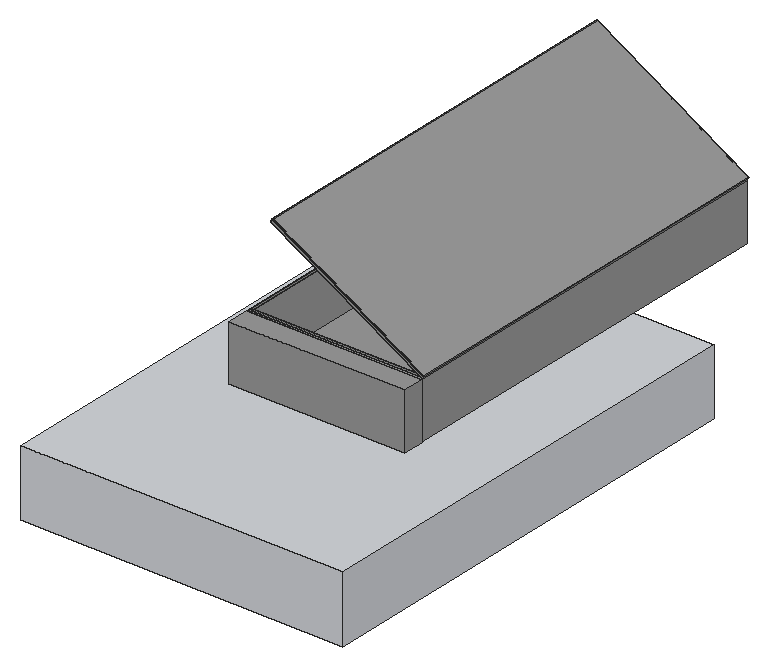
Revit family "Hager-Univers-IP55-D275-H1950-Cl.II-Steel_encl-FR-fr", category Equipement électrique, Revit 2020
Family settings
  Hôte = Face
  Configuration du panneau = Deux colonnes, circuits au sein
  Cote de connecteur circulaire = Utiliser le diamètre
  Type d'élément = Tableau de raccordement
  Couper avec des vides une fois chargée = Non
  Partagée = Non
  Point de calcul de pièce = Non
Parameters (values of type "installation au sol IP55 L800 H1950 P275  - FR23S1")
  Width Control [instance] = if([EF000008 - largeur] > Min Width, [EF000008 - largeur], Min Width)  # 800 mm
  Commentaires du type = [HG000003 - Gamme]  # "Univers"
  Thickness Door [instance] = if([EF009171 - épaisseur de matériau de la porte/du couvercle] > 3 mm, 3 mm, [EF009171 - épaisseur de matériau de la porte/du couvercle])  # 1.5 mm
  Seal Frame Offset [instance] = 17 mm  # constant formula
  Plinth Visibility [instance] = [HG000027 - Hauteur du socle] > 0 mm  # yes
  Model = ""
  Min Width [instance] = 100 mm  # constant formula
  Min Height [instance] = 100 mm  # constant formula
  Min Depth [instance] = (2 * [EF009170 - épaisseur de matériau du boîtier]) + 1 mm  # 4 mm
  Internal Frame Depth [instance] = (Door System Depth * 0.5)  # 9 mm
  Height Control [instance] = if([EF000040 - hauteur] > Min Height, [EF000040 - hauteur], Min Height)  # 1950 mm
  HG000027 - Hauteur du socle = 100 mm
  HG000026 - Installation au sol = yes
  HG000024 - Hauteur de la section basse = 800 mm
  HG000023 - Armoire double section = no
  HG000016 - Visibilité de la porte 3D [instance] = yes
  HG000015 - Visibilité de l'emprise de la porte [instance] = no
  HG000014 - Porte à droite [instance] = yes
  HG000013 - Porte à gauche [instance] = not([HG000014 - Porte à droite])  # no
  HG000012 - Angle de pivotement de la porte [instance] = 30.00°
  HG000010 - Portes asymétriques = no
  HG000009 - Porte à double battant = no
  HG000006 - Encastré = no
  HG000004 - Référence fabricant = "FR23S1"
  HG000003 - Gamme = "Univers"
  HG000002 - avec porte = yes
  Frame Offset Bottom [instance] = 10 mm  # constant formula
  Frame Offset [instance] = 15 mm  # constant formula
  EF015940 - couvercle avec décharge de pression = no
  EF011959 - degré de protection (NEMA) = ""
  EF009554 - nombre d'ouvertures pour plaques à bride = 6
  Fabricant = "Hager"  # constant formula
  EF009212 - finition du couvercle = "EV000116 - fermé"
  EF009171 - épaisseur de matériau de la porte/du couvercle = 1.5 mm
  EF009170 - épaisseur de matériau du boîtier = 1.5 mm
  EF008873 - courant nominal (In) = 800 A
  EF007800 - adapté à un parafoudre = no
  EF006306 - avec serrure = no
  EF006244 - couvercle/porte transparent(e) = no
  EF005474 - indice de protection (IP) = "EV006420 - IP55"
  EF004464 - type de porte = "EV002646 - unique"
  EF004427 - nombre de modules = 432
  EF004293 - indice de protection contre les chocs (IK) = "EV008784 - IK10"
  EF003532 - convient pour utilisation à l’extérieur = no
  EF002950 - largeur en nombre de modules = 24
  EF001613 - maintien de fonction = "EV000494 - sans"
  EF001596 - matériau du boîtier/corps = "EV000179 - acier"
  EF001131 - profondeur intérieure = 275 mm
  EF001088 - possibilité de montage en saillie = yes
  EF000437 - nombre d'entrées de conduit = 6
  EF000339 - type de capot = "EV004216 - porte"
  EF000266 - nombre de rangées = 12
  EF000218 - profondeur d'encastrement = 0 mm
  EF000118 - avec cadre/support de montage = no
  EF000116 - numéro RAL = "7035"
  EF000049 - profondeur = 275 mm
  EF000040 - hauteur = 1950 mm
  EF000008 - largeur = 800 mm
  EF000007 - couleur = "EV000270 - gris"
  EF000003 - mode de pose = "EV012274 - installation au sol"
  Door System Leaf Tolerance [instance] = 1.5 mm  # constant formula
  Door System Depth [instance] = 18 mm  # constant formula
  Door Height [instance] = Height Control - [HG000027 - Hauteur du socle]  # 1850 mm
  Depth Control [instance] = if([EF000049 - profondeur] > Min Depth, [EF000049 - profondeur], Min Depth)  # 275 mm
  Default Elevation = 0 mm
  Connector Offset [instance] = Height Control / 2  # 975 mm
  Bottom Top Plate Trim [instance] = 1.5 mm  # constant formula
  Plinth height Ctrl [instance] = if([HG000027 - Hauteur du socle] > 0 mm, [HG000027 - Hauteur du socle], 12 mm)  # 100 mm
Types (6, lengths in mm): name | Width Control | HG000010 - Portes asymétriques | HG000009 - Porte à double battant | HG000004 - Référence fabricant | EF009554 - nombre d'ouvertures pour plaques à bride | EF004464 - type de porte | EF004427 - nombre de modules | EF000437 - nombre d'entrées de conduit | EF000008 - largeur
  installation au sol IP55 L1050 H1950 P275  - FR24S1 | 1050 | yes | yes | "FR24S1" | 8 | "EV003602 - double" | 576 | 8 | 1050
  installation au sol IP55 L1300 H1950 P275  - FR25S1 | 1300 | yes | yes | "FR25S1" | 10 | "EV003602 - double" | 720 | 10 | 1300
  installation au sol IP55 L1550 H1950 P275  - FR26S1 | 1550 | yes | yes | "FR26S1" | 12 | "EV003602 - double" | 864 | 12 | 1550
  installation au sol IP55 L300 H1950 P275  - FR21S1 | 300 | no | no | "FR21S1" | 2 | "EV002646 - unique" | 144 | 2 | 300
  installation au sol IP55 L550 H1950 P275  - FR22S1 | 550 | no | no | "FR22S1" | 4 | "EV002646 - unique" | 288 | 4 | 550
  installation au sol IP55 L800 H1950 P275  - FR23S1 | 800 | no | no | "FR23S1" | 6 | "EV002646 - unique" | 432 | 6 | 800
Reference planes
  plane 1 "Center (Front/Back)": y = 0
  plane 2: z = 0
  plane 3 "Center (Left/Right)": x = 0
  plane 4: z = 275
  plane 5: y = 101.5
  plane 6: y = 1025
  plane 7: y = 100
  plane 8: y = 1950
  plane 9: z = 0
  plane 10: x = -385
  plane 11: x = 385
  plane 12: x = 383.5
  plane 13: x = -383.5
  plane 14: y = 1948.5
  plane 15: x = -383
  plane 16: x = -400
  plane 17: x = 383
  plane 18: x = 400
  plane 19: x = 398.5
  plane 20: x = -398.5
  plane 21: y = 111.5
  plane 22: y = 1950
  plane 23: y = 1933.5
  plane 24: z = 257
  plane 25: z = 1.5
  plane 26: z = 255.5
  plane 27: z = 273.5
Forms (mm)
  Extrusion 1, solid
    sketch origin (0, 0, 0) x (1, 0, 0) y (0, 1, 0)
      loop
        line (-702.964, 1305) -> (-702.964, -811.445) -> (766.763, -811.445) -> (766.763, 1305) -> (-702.964, 1305)
    from 0 to -304.8
  Extrusion 2, solid, material "Hager_Steel_RAL7035_Light_Grey", visible <- "Plinth Visibility", detail levels medium+fine
    sketch origin (0, 0, 0) x (1, 0, 0) y (0, 1, 0)
      loop
        line (-400, 0) -> (400, 0) -> (400, 100) -> (-400, 100) -> (-400, 0)
    from 0 to 257
  Extrusion 3, solid, material "Hager_Steel_RAL7035_Light_Grey", detail levels medium+fine
    sketch origin (0, 0, 0) x (1, 0, 0) y (0, 1, 0)
      loop
        line (-400, 100) -> (400, 100) -> (400, 1950) -> (-400, 1950) -> (-400, 100)
    from 0 to 257
  Extrusion 4, void
    sketch origin (0, 0, 0) x (1, 0, 0) y (0, 1, 0)
      loop
        line (-398.5, 101.5) -> (398.5, 101.5) -> (398.5, 1948.5) -> (-398.5, 1948.5) -> (-398.5, 101.5)
    from 1.5 to 255.5
  Extrusion 5, void
    sketch origin (-381.607, -4572, 257) x (0, -1, 0) y (-1, 0, 0)
      loop
        line (-4683.5, 1.893) -> (-6505.5, 1.893) -> (-6505.5, -765.107) -> (-4683.5, -765.107) -> (-4683.5, 1.893)
    from 0 to 1.5 <- "EF009170 - épaisseur de matériau du boîtier"
  Extrusion 6, solid, material "Hager_Steel_RAL7035_Light_Grey", detail levels fine
    sketch origin (0, 0, 257) x (1, 0, 0) y (0, 1, 0)
      loop
        line (-383.5, 1933.5) -> (-383.5, 111.5) -> (383.5, 111.5) -> (383.5, 1933.5) -> (-383.5, 1933.5)
      loop
        line (-385, 110) -> (385, 110) -> (385, 1935) -> (-385, 1935) -> (-385, 110)
    from 0 to 9 <- "Internal Frame Depth"
  Extrusion 7, solid, material "Hager_Steel_RAL7035_Light_Grey", detail levels coarse
    sketch origin (0, 0, 0) x (1, 0, 0) y (0, 1, 0)
      loop
        line (-400, 0) -> (400, 0) -> (400, 1950) -> (-400, 1950) -> (-400, 0)
    from 0 to 275
  Sweep 8, void
    path in 3D
      loop
        line (-400, 100, 0) -> (400, 100, 0) -> (400, 100, 257) -> (-400, 100, 257) -> (-400, 100, 0)
    profile origin (-400, 100, 128.5) x (-1, 0, 0) y (0, -1, 0)
      loop
        line (0, 0) -> (0, 1.5) -> (-1.5, 1.5)
        arc (-1.5, 1.5) -> (-1.061, 0.439) -> (0, 0) r 1.5
Cuts and joins
  Extrusion 4, Extrusion 5 cuts Extrusion 3
  Sweep 8 cuts Extrusion 2
Lines and regions (mm)
  Masking region 1
    outline origin (0, 0, 0) x (1, 0, 0) y (0, 0, 1)
      loop
        line (-400, 275) -> (-400, 0) -> (400, 0) -> (400, 275) -> (-400, 275)
  Masking region 2, detail levels medium+fine
    outline origin (0, 140, 0) x (0, 1, 0) y (0, 0, 1)
      loop
        line (-40, 0) -> (1810, 0) -> (1810, 257) -> (-40, 257) -> (-40, 0)
  Masking region 3, not visible, detail levels medium+fine
    outline origin (0, 297.922, 0) x (0, 1, 0) y (0, 0, 1)
      loop
        line (738.578, 0) -> (778.578, 0) -> (778.578, 263.5)
        arc (778.578, 263.5) -> (775.649, 270.571) -> (768.578, 273.5) r 10
        line (768.578, 273.5) -> (738.578, 273.5) -> (738.578, 0)
  Masking region 4, detail levels coarse
    outline origin (0, 0, 180) x (0, 1, 0) y (0, 0, 1)
      loop
        line (0, -180) -> (1950, -180) -> (1950, 95) -> (0, 95) -> (0, -180)
  Masking region 5, visible <- "Plinth Visibility", detail levels medium+fine
    outline origin (0, 52.24, 12.345) x (0, 0, -1) y (0, 1, 0)
      loop
        line (10.845, 47.76) -> (-243.155, 47.76)
        arc (-243.155, 47.76) -> (-243.594, 46.699) -> (-244.655, 46.26) r 1.5
        line (-244.655, 46.26) -> (-244.655, -52.24) -> (12.345, -52.24) -> (12.345, 46.26)
        arc (12.345, 46.26) -> (11.285, 46.699) -> (10.845, 47.76) r 1.5
  Masking region 6, detail levels medium+fine
    outline origin (-381.607, -4572, 257) x (-1, 0, 0) y (0, -1, 0)
      loop
        line (18.393, -6522) -> (18.393, -4672) -> (-781.607, -4672) -> (-781.607, -6522) -> (18.393, -6522)
  Masking region 7, visible <- "Plinth Visibility", detail levels medium+fine
    outline origin (-381.607, -4727, 257) x (-1, 0, 0) y (0, -1, 0)
      loop
        arc (16.893, -4827) -> (17.332, -4825.939) -> (18.393, -4825.5) r 1.5
        line (18.393, -4825.5) -> (18.393, -4727) -> (-781.607, -4727) -> (-781.607, -4825.5)
        arc (-781.607, -4825.5) -> (-780.546, -4825.939) -> (-780.107, -4827) r 1.5
        line (-780.107, -4827) -> (16.893, -4827)
  Masking region 8, detail levels coarse
    outline origin (-442.548, -4669.526, 257) x (-1, 0, 0) y (0, -1, 0)
      loop
        line (-42.548, -6619.526) -> (-42.548, -4669.526) -> (-842.548, -4669.526) -> (-842.548, -6619.526) -> (-42.548, -6619.526)
  sketch lines
    curve 1: line (-400, 100, 257) -> (-400, 100, 0)
    curve 2: line (400, 100, 257) -> (-400, 100, 257)
    curve 3: line (400, 100, 257) -> (400, 100, 0)
    curve 4: line (-400, 100, 0) -> (400, 100, 0)
Dimensions and locks
  "Depth Control": plane 4 to Extrusion 1
  "HG000027 - Hauteur du socle": plane 1 "Center (Front/Back)" to plane 7
  "EF009170 - épaisseur de matériau du boîtier": plane 5 to plane 7
  locked: connector elem to plane 3 "Center (Left/Right)"
  equal spacing: plane 8, plane 6, plane 7
  locked: connector elem to plane 6
  "EF009170 - épaisseur de matériau du boîtier": plane 8 to plane 14
  "EF009170 - épaisseur de matériau du boîtier": plane 10 to plane 13
  "EF009170 - épaisseur de matériau du boîtier": plane 12 to plane 11
  "Frame Offset": plane 20 to plane 13
  "Frame Offset": plane 12 to plane 19
  "EF009170 - épaisseur de matériau du boîtier": plane 16 to plane 20
  "EF009170 - épaisseur de matériau du boîtier": plane 19 to plane 18
  "Seal Frame Offset": plane 16 to plane 15
  "Seal Frame Offset": plane 17 to plane 18
  "Frame Offset Bottom": plane 21 to plane 5
  "Frame Offset": plane 14 to plane 23
  equal spacing: plane 16, plane 3 "Center (Left/Right)", plane 18
  "Width Control": plane 16 to plane 18
  "EF009170 - épaisseur de matériau du boîtier": plane 4 to plane 27
  "EF009170 - épaisseur de matériau du boîtier": plane 24 to plane 26
  "EF009170 - épaisseur de matériau du boîtier": plane 25 to level
  "Door System Depth": plane 4 to plane 24
  "Height Control": plane 1 "Center (Front/Back)" to Extrusion 7 sketch curve
  "Height Control": Masking region 4 sketch curve to plane 1 "Center (Front/Back)"
  "Height Control": plane 1 "Center (Front/Back)" to plane 22
  "Bottom Top Plate Trim": profile plane to Sweep 8 sketch curve
  "Bottom Top Plate Trim": Sweep 8 sketch curve to profile plane
  "Plinth height Ctrl": plane 1 "Center (Front/Back)" to Extrusion 2 sketch curve
  "Plinth height Ctrl": Masking region 5 sketch curve to plane 1 "Center (Front/Back)"
  "Plinth height Ctrl": plane 1 "Center (Front/Back)" to Masking region 7 sketch curve
  "Thickness Door": Extrusion 6 sketch curve to Extrusion 6 sketch curve  (x3)
  "Thickness Door": cut or joined group of Extrusion 3, Extrusion 4, Extrusion 5 to Extrusion 6 sketch curve
  radius of Masking region 3 sketch curve = 10 mm
  "Bottom Top Plate Trim": radius of Masking region 5 sketch curve  (x2)
  "Bottom Top Plate Trim": radius of Sweep 8 sketch curve
  "Bottom Top Plate Trim": radius of Masking region 7 sketch curve  (x2)
  aligned and locked: plane 2 to Extrusion 1
  aligned and locked: level to Extrusion 1
  aligned and locked: level to Masking region 1 sketch curve
  aligned and locked: Masking region 1 sketch curve to plane 18
  aligned and locked: Masking region 1 sketch curve to plane 16
  aligned and locked: plane 7 to Masking region 2 sketch curve
  aligned and locked: level to Masking region 3 sketch curve
  aligned and locked: Masking region 3 sketch curve to plane 27
  aligned and locked: level to Masking region 2 sketch curve
  aligned and locked: plane 1 "Center (Front/Back)" to Extrusion 2 sketch curve
  aligned and locked: Extrusion 3 sketch curve to plane 7
  aligned and locked: plane 16 to Extrusion 3 sketch curve
  aligned and locked: plane 18 to Extrusion 3 sketch curve
  aligned and locked: plane 20 to Extrusion 4 sketch curve
  aligned and locked: plane 19 to Extrusion 4 sketch curve
  aligned and locked: Extrusion 4 sketch curve to plane 5
  aligned and locked: Extrusion 4 to plane 25
  aligned and locked: plane 26 to Extrusion 4
  aligned and locked: plane 24 to Extrusion 3
  aligned and locked: Extrusion 5 sketch curve to plane 21
  aligned and locked: Extrusion 5 sketch curve to plane 13
  aligned and locked: Extrusion 5 sketch curve to plane 12
  aligned and locked: plane 18 to Extrusion 7 sketch curve
  aligned and locked: plane 1 "Center (Front/Back)" to Extrusion 7 sketch curve
  aligned and locked: plane 16 to Extrusion 7 sketch curve
  aligned and locked: plane 4 to Extrusion 7
  aligned and locked: Extrusion 7 to level
  aligned and locked: level to Masking region 4 sketch curve
  aligned and locked: Masking region 4 sketch curve to plane 1 "Center (Front/Back)"
  aligned and locked: Masking region 4 sketch curve to plane 4
  aligned and locked: nested 1 to level
  aligned and locked: nested 1 to plane 16
  aligned and locked: plane 8 to Extrusion 3 sketch curve
  aligned and locked: plane 23 to Extrusion 5 sketch curve
  aligned and locked: plane 14 to Extrusion 4 sketch curve
  aligned and locked: Masking region 2 sketch curve to plane 8
  aligned and locked: level to Masking region 5 sketch curve
  aligned and locked: plane 16 to Extrusion 2 sketch curve
  aligned and locked: plane 18 to Extrusion 2 sketch curve
  aligned and locked: Masking region 5 sketch curve to plane 24
  aligned and locked: Masking region 2 sketch curve to plane 24
  aligned and locked: plane 24 to Extrusion 2
  aligned and locked: profile plane to Sweep 8 sketch curve  (x2)
  aligned and locked: Masking region 6 sketch curve to plane 18
  aligned and locked: Masking region 6 sketch curve to plane 22
  aligned and locked: Masking region 6 sketch curve to plane 16
  aligned and locked: plane 8 to plane 22
  aligned and locked: Masking region 6 sketch curve to plane 7
  aligned and locked: Masking region 7 sketch curve to plane 16
  aligned and locked: Masking region 7 sketch curve to plane 1 "Center (Front/Back)"
  aligned and locked: Masking region 7 sketch curve to plane 18
  aligned and locked: Masking region 8 sketch curve to plane 1 "Center (Front/Back)"
  aligned and locked: Masking region 8 sketch curve to plane 18
  aligned and locked: Masking region 8 sketch curve to plane 22
  aligned and locked: Masking region 8 sketch curve to plane 16
  aligned and locked: nested 2 to plane 7
  aligned and locked: plane 3 "Center (Left/Right)" to nested 2
  aligned and locked: nested 2 to plane 24
  aligned and locked: Extrusion 6 sketch curve to cut or joined group of Extrusion 3, Extrusion 4, Extrusion 5  (x4)
Automatic sketch dimensions
  Extrusion 1 sketch curve to Extrusion 1 sketch curve = 1469.727 mm
  Extrusion 1 sketch curve to Extrusion 1 sketch curve = 2116.445 mm
  Masking region 1 sketch curve to plane 4 = 0 mm
  plane 6 to Masking region 3 sketch curve = 11.5 mm
  Masking region 3 sketch curve to Masking region 3 sketch curve = 30 mm
  Masking region 5 sketch curve to plane 1 "Center (Front/Back)" = 0 mm
Nested families
  nested 1: "Hager_Enclosure_Symbol" at (-400, 0, 0) x (1, 0, 0) z (0, -1, 0), Height <- "Depth Control", Width <- "Width Control", type "Hager_Enclosure_Symbol"
    with Width_Ctrl 800 mm, Width 800 mm, Height_Ctrl 275 mm, Height 275 mm, A_Width_Int 18.047 mm, A_Width 216.562 mm, A_Height_Ctrl 240.625 mm, A_Height 240.625 mm
  nested 2: "EC000058_Univers_Door" at (0, 100, 257) x (1, 0, 0) z (0, 1, 0), Leaf_Tolerance <- "Door System Leaf Tolerance", Angle <- "HG000012 - Angle de pivotement de la porte", Door_Depth <- "Door System Depth", Door_Left <- "HG000013 - Porte à gauche", Transparent <- "EF006244 - couvercle/porte transparent(e)", Assymetrical <- "HG000010 - Portes asymétriques", Width <- "Width Control", Clearance <- "HG000015 - Visibilité de l'emprise de la porte", Double <- "HG000009 - Porte à double battant", 3d_Door <- "HG000016 - Visibilité de la porte 3D", Lock_Visibility <- "EF006306 - avec serrure", Width_Ctrl <- "Width Control", Door_Right <- "HG000014 - Porte à droite", Door <- "HG000002 - avec porte", Height <- "Door Height", Thickness <- "Thickness Door", type "EC000058_Univers_Door", detail levels medium+fine
    with min_wh 4 mm, Width_Ctrl 800 mm, Width 800 mm, Transparent no, Thickness 1.5 mm, Seal_Material Hager_Rubber, Lock_Visibility no, Lock_Material Hager_Plastic_RAL9005_Jet_Black, Leaf_Width 800 mm, Leaf_Tolerance_External_Sides 0 mm, Leaf_Tolerance 1.5 mm, Leaf_Offset 0 mm, Leaf_Height 1847 mm, Leaf_2_Width 800 mm, Leaf_2_Offset 400 mm, Leaf_1_Width 800 mm, Leaf_1_Offset 400 mm, Height_Ctrl 1850 mm, Height 1850 mm, Glass_Material Hager_Glass, Double_Clearance_Ctrl no, Double no, Door_Right_Ctrl yes, Door_Right yes, Door_Material Hager_Steel_RAL7035_Light_Grey, Door_Left_Ctrl no, Door_Left no, Door_Depth 18 mm, Door yes, Clearance_Material Hager_Clearance, Clearance_Depth 800 mm, Clearance_Ctrl no, Clearance no, Assymetrical no, Angle 30.00°, 3d_Door yes
Connectors
  electrical at (0, 1025, 0)
    settings: on plane 9, index 1, voltage 0 V, apparent load 0 VA, apparent load phase1 0 VA, apparent load phase2 0 VA, apparent load phase3 0 VA, power factor 1, load classification "Other", number of poles 1, system type 30, power factor state 1, is connector primary yes, connector utility no, sub classification motor no, connector description ""
Definition of nested family "EC000058_Univers_Door"
  Parameters (values of type "EC000058_Univers_Door")
    min_wh [instance] = (2 * Thickness) + 1 mm  # 11 mm
    Width_Ctrl [instance] = 400 mm
    Width [instance] = 500 mm
    Transparent [instance] = yes
    Thickness [instance] = 5 mm
    Seal_Material [instance] = none
    Lock_Visibility [instance] = yes
    Lock_Material [instance] = none
    Leaf_Width [instance] = if((Width_Ctrl - 2 * Leaf_Tolerance_External_Sides) > 0 mm, (Width_Ctrl - 2 * Leaf_Tolerance_External_Sides), min_wh)  # 400 mm
    Leaf_Tolerance_External_Sides [instance] = 0 mm  # constant formula
    Leaf_Tolerance [instance] = 1.5 mm
    Leaf_Offset [instance] = 0 mm  # constant formula
    Leaf_Height [instance] = if((Height_Ctrl - 2 * Leaf_Tolerance) > 0 mm, (Height_Ctrl - 2 * Leaf_Tolerance), min_wh)  # 497 mm
    Leaf_2_Width [instance] = if(and(and(Double, Assymetrical), Door_Left), (Leaf_Width / 3) - (Leaf_Tolerance / 2), if(and(and(Double, Assymetrical), Door_Right), (Leaf_Width / 3) * 2 - (Leaf_Tolerance / 2), if(and(Double, not(Assymetrical)), (Leaf_Width / 2) - Leaf_Tolerance, Leaf_Width)))  # 400 mm
    Leaf_2_Offset [instance] = if(and(Double, Assymetrical), Leaf_2_Width / 2, if(and(Double, not(Assymetrical)), Leaf_Width / 4, Leaf_Width / 2))  # 200 mm
    Leaf_1_Width [instance] = if(and(and(Double, Assymetrical), Door_Right), (Leaf_Width / 3) - (Leaf_Tolerance / 2), if(and(and(Double, Assymetrical), Door_Left), (Width / 3) * 2 - (Leaf_Tolerance / 2), if(and(Double, not(Assymetrical)), (Leaf_Width / 2) - Leaf_Tolerance, Leaf_Width)))  # 400 mm
    Leaf_1_Offset [instance] = if(and(Double, Assymetrical), Leaf_1_Width / 2, if(and(Double, not(Assymetrical)), Leaf_Width / 4, Leaf_Width / 2))  # 200 mm
    Height_Ctrl [instance] = if(Height > min_wh, Height, min_wh)  # 500 mm
    Height [instance] = 500 mm
    Glass_Material [instance] = none
    Double_Clearance_Ctrl [instance] = and(Double, Clearance)  # no
    Double [instance] = no
    Door_Right_Ctrl [instance] = and(or(Door_Right, Double), Door)  # yes
    Door_Right [instance] = yes
    Door_Material [instance] = none
    Door_Left_Ctrl [instance] = and(or(Door_Left, Double), Door)  # no
    Door_Left [instance] = no
    Door_Depth [instance] = 30 mm
    Door [instance] = yes
    Default Elevation = 1219.2 mm
    Clearance_Material [instance] = none
    Clearance_Depth [instance] = if(Leaf_1_Width > Leaf_2_Width, Leaf_1_Width, Leaf_2_Width)  # 400 mm
    Clearance_Ctrl [instance] = and(not(Double), Clearance)  # yes
    Clearance [instance] = yes
    Assymetrical [instance] = yes
    Angle [instance] = 30.00°
    3d_Door [instance] = yes
  Reference planes
    plane 1 "Center (Front/Back)": y = 0
    plane 2 "Bottom": z = 0
    plane 3 "Center (Left/Right)": x = 0
    plane 4: z = 500
    plane 5: x = -200
    plane 6: x = 200
    plane 7: z = 500
    plane 8: x = -200
    plane 9: z = 0
    plane 10: x = 200
    plane 11: y = 0
    plane 12: z = 1.5
    plane 13: x = -600
    plane 14: y = -400
    plane 15: x = 600
    plane 16: x = 0
    plane 17: x = 0
    plane 18: x = -200
    plane 19: x = 200
    plane 20: z = 498.5
  Forms (mm)
    Extrusion 1, solid, material <- "Clearance_Material", visible <- "Double_Clearance_Ctrl"
      sketch origin (1200, 0, 0) x (1, 0, 0) y (0, 0, -1)
        loop
          line (-1800, -498.5) -> (-600, -498.5) -> (-600, 0) -> (-1800, 0) -> (-1800, -498.5)
      from 0 to -400
  Dimensions and locks
    equal spacing: plane 5, plane 3 "Center (Left/Right)", plane 6
    "Width_Ctrl": plane 5 to plane 6
    "Leaf_Offset": plane 5 to plane 8
    "Leaf_Offset": plane 6 to plane 10
    "Leaf_Offset": plane 9 to level
    "Leaf_Offset": plane 4 to plane 7
    "Height_Ctrl": plane 4 to level
    "Leaf_Tolerance": plane 12 to plane 9
    locked: plane 11 to plane 1 "Center (Front/Back)"
    "Leaf_1_Offset": plane 18 to plane 16
    "Leaf_2_Offset": plane 17 to plane 19
    "Leaf_1_Width": plane 13 to plane 8
    "Leaf_2_Width": plane 10 to plane 15
    "Clearance_Depth": plane 14 to plane 1 "Center (Front/Back)"
    "Leaf_Tolerance_External_Sides": plane 8 to plane 18
    "Leaf_Tolerance_External_Sides": plane 19 to plane 10
    "Leaf_Tolerance": plane 7 to plane 20
    aligned and locked: level to plane 2 "Bottom"
    aligned and locked: nested 1 to plane 16
    aligned and locked: nested 2 to plane 17
    aligned and locked: Extrusion 1 to plane 13
    aligned and locked: plane 15 to Extrusion 1
    aligned and locked: Extrusion 1 to plane 14
    aligned and locked: plane 12 to nested 1
    aligned and locked: nested 2 to plane 12
    aligned and locked: Extrusion 1 to plane 11
    aligned and locked: plane 20 to Extrusion 1
    aligned and locked: nested 2 to plane 11
    aligned and locked: nested 1 to plane 11
  Automatic sketch dimensions
    Extrusion 1 sketch curve to level = 0 mm
    plane 5 to Extrusion 1 sketch curve = 400 mm
    plane 6 to Extrusion 1 sketch curve = 400 mm
    Extrusion 1 sketch curve to plane 4 = 1.5 mm
  Nested families
    nested 1: "EC000058_Univers_Door_Leaf" at (0, 0, 1.5), Width <- "Leaf_1_Width", visible <- "Door_Left_Ctrl", Leaf_Height <- "Leaf_Height", Angle <- "Angle", 3d_Door <- "3d_Door", Transparent <- "Transparent", Clearance Material <- "Clearance_Material", Clearance <- "Clearance_Ctrl", Door_Material <- "Door_Material", Glass_Material <- "Glass_Material", Door_Depth <- "Door_Depth", Lock_Material <- "Lock_Material", Seal_Material <- "Seal_Material", Lock_Visibility <- "Lock_Visibility", Thickness <- "Thickness", type "EC000058_Univers_Door_Leaf"
      with Width 400 mm, Transparent_Glass_Offset 30 mm, Transparent_Ctrl yes, Transparent yes, Thickness 5 mm, Standard no, Seal_Material none, Seal_D2 8 mm, Seal_D1 1 mm, Offset_Internal_Frame 10 mm, Lock_Width 20 mm, Lock_Visibility_3d yes, Lock_Visibility yes, Lock_Thickness_3 3 mm, Lock_Thickness_2 1 mm, Lock_Thickness_1 3 mm, Lock_Radius_Offset_2 16 mm, Lock_Radius_Offset_1 15 mm, Lock_Radius_2 5 mm, Lock_Radius 6 mm, Lock_Offset 5 mm, Lock_Material none, Lock_Height 80 mm, Lock_Cover_Top_Offset_2d 17 mm, Lock_Cover_Height -65 mm, Leaf_Height 497 mm, Internal_Seal_Thickness 8 mm, Internal_Seal_Depth_2 4.5 mm, Internal_Frame_Depth 25 mm, Glass_Thickness -1 mm, Glass_Offset -2 mm, Glass_Material none, Door_Material none, Door_Depth 30 mm, Clearance Material none, Clearance yes, Angle_Ctrl 30.00°, Angle 30.00°, 3d_Door yes
    nested 2: "EC000058_Univers_Door_Leaf" at (0, 0, 1.5) x (-1, 0, 0) z (0, 0, 1), Width <- "Leaf_2_Width", visible <- "Door_Right_Ctrl", Leaf_Height <- "Leaf_Height", Angle <- "Angle", 3d_Door <- "3d_Door", Transparent <- "Transparent", Clearance Material <- "Clearance_Material", Clearance <- "Clearance_Ctrl", Door_Material <- "Door_Material", Glass_Material <- "Glass_Material", Door_Depth <- "Door_Depth", Lock_Material <- "Lock_Material", Seal_Material <- "Seal_Material", Lock_Visibility <- "Lock_Visibility", Thickness <- "Thickness", type "EC000058_Univers_Door_Leaf"
      with Width 400 mm, Transparent_Glass_Offset 30 mm, Transparent_Ctrl yes, Transparent yes, Thickness 5 mm, Standard no, Seal_Material none, Seal_D2 8 mm, Seal_D1 1 mm, Offset_Internal_Frame 10 mm, Lock_Width 20 mm, Lock_Visibility_3d yes, Lock_Visibility yes, Lock_Thickness_3 3 mm, Lock_Thickness_2 1 mm, Lock_Thickness_1 3 mm, Lock_Radius_Offset_2 16 mm, Lock_Radius_Offset_1 15 mm, Lock_Radius_2 5 mm, Lock_Radius 6 mm, Lock_Offset 5 mm, Lock_Material none, Lock_Height 80 mm, Lock_Cover_Top_Offset_2d 17 mm, Lock_Cover_Height -65 mm, Leaf_Height 497 mm, Internal_Seal_Thickness 8 mm, Internal_Seal_Depth_2 4.5 mm, Internal_Frame_Depth 25 mm, Glass_Thickness -1 mm, Glass_Offset -2 mm, Glass_Material none, Door_Material none, Door_Depth 30 mm, Clearance Material none, Clearance yes, Angle_Ctrl 30.00°, Angle 30.00°, 3d_Door yes
  Definition of nested family "EC000058_Univers_Door_Leaf"
    Parameters (values of type "EC000058_Univers_Door_Leaf")
      Width [instance] = 2000 mm
      Transparent_Glass_Offset [instance] = 30 mm
      Transparent_Ctrl [instance] = and(Transparent, [3d_Door])  # yes
      Transparent [instance] = yes
      Thickness [instance] = 5 mm
      Standard [instance] = and(not(Transparent), [3d_Door])  # no
      Seal_Material [instance] = none
      Seal_D2 [instance] = 8 mm  # constant formula
      Seal_D1 [instance] = 1 mm  # constant formula
      Offset_Internal_Frame [instance] = 10 mm  # constant formula
      Lock_Width [instance] = 20 mm  # constant formula
      Lock_Visibility_3d [instance] = and(Lock_Visibility, [3d_Door])  # yes
      Lock_Visibility [instance] = yes
      Lock_Thickness_3 [instance] = 3 mm  # constant formula
      Lock_Thickness_2 [instance] = 1 mm  # constant formula
      Lock_Thickness_1 [instance] = 3 mm  # constant formula
      Lock_Radius_Offset_2 [instance] = Lock_Radius_Offset_1 + 1 mm  # 16 mm
      Lock_Radius_Offset_1 [instance] = 15 mm  # constant formula
      Lock_Radius_2 [instance] = Lock_Radius - 1 mm  # 5 mm
      Lock_Radius [instance] = 6 mm  # constant formula
      Lock_Offset [instance] = 5 mm  # constant formula
      Lock_Material [instance] = none
      Lock_Height [instance] = 80 mm  # constant formula
      Lock_Cover_Top_Offset_2d [instance] = Lock_Radius_Offset_2 + 1 mm  # 17 mm
      Lock_Cover_Height [instance] = -(Lock_Height - Lock_Radius_Offset_1)  # -65 mm
      Leaf_Height [instance] = 2720.336 mm
      Internal_Seal_Thickness [instance] = 8 mm  # constant formula
      Internal_Seal_Depth_2 [instance] = 4.5 mm  # constant formula
      Internal_Frame_Depth [instance] = if(Door_Depth - Thickness > 5 mm, Door_Depth - Thickness, 5 mm)  # 25 mm
      Glass_Thickness [instance] = if(Thickness > 15 mm, Glass_Offset + 10 mm, -1 mm)  # -1 mm
      Glass_Offset [instance] = if(Thickness > 15 mm, -(Thickness + 10 mm) / 2, -2 mm)  # -2 mm
      Glass_Material [instance] = none
      Door_Material [instance] = none
      Door_Depth [instance] = 30 mm
      Default Elevation = 0 mm
      Clearance Material [instance] = none
      Clearance [instance] = yes
      Angle_Ctrl [instance] = if(Angle > 180.00°, 180.00°, Angle)  # 90.00°
      Angle [instance] = 90.00°
      3d_Door [instance] = yes
    Reference planes
      plane 1 "Center (Front/Back)": y = 0
      plane 2: z = 0
      plane 3 "Center (Left/Right)": x = 0
      plane 4: y = 2000
      plane 5: x = -1000
      plane 6: x = 1000
      plane 7: x = -3000
      plane 8: z = 2720.336
      plane 9: z = 30
      plane 10: z = 2690.336
      plane 11: x = 970
      plane 12: x = -970
      plane 13: y = -3
      plane 14: z = 107.833
      plane 15: y = -5
      plane 16: y = -223.314
      plane 17: x = -1000
      plane 18: z = 1360.168
      plane 19: y = 30
    Forms (mm)
      Extrusion 1, solid, material <- "Clearance Material", visible <- "Clearance"
        sketch origin (0, 0, 0) x (1, 0, 0) y (0, 0, 1)
          loop
            line (-3000, 2720.336) -> (-3000, 0) -> (1000, 0) -> (1000, 2720.336) -> (-3000, 2720.336)
        from 0 to -2000
      Extrusion 2, solid, material <- "Door_Material", visible <- "Standard", detail levels medium+fine
        sketch origin (-1000, 0, 0) x (0, 1, 0) y (-1, 0, 0)
          loop
            line (0, 30) -> (0, 25) -> (2000, 25) -> (2000, 30) -> (0, 30)
        from 0 to 2720.336 <- "Leaf_Height"
      Extrusion 3, solid, material <- "Door_Material", visible <- "Transparent_Ctrl", detail levels medium+fine
        sketch origin (-1000, 0, 0) x (0, 1, 0) y (-1, 0, 0)
          loop
            line (0, 25) -> (2000, 25) -> (2000, 30) -> (0, 30) -> (0, 25)
        from 0 to 2720.336 <- "Leaf_Height"
      Extrusion 4, void
        sketch origin (-1025, 2000, 0) x (0, 1, 0) y (0, 0, -1)
          loop
            line (-30, -2690.336) -> (-30, -30) -> (-1970, -30) -> (-1970, -2690.336) -> (-30, -2690.336)
        from 0 to 5 <- "Thickness"
      Sweep 5, solid, material <- "Seal_Material", visible <- "Transparent_Ctrl", detail levels fine
        path in 3D
          loop
            line (-1025, 30, 30) -> (-1025, 30, 2690.336) -> (-1025, 1970, 2690.336) -> (-1025, 1970, 30) -> (-1025, 30, 30)
        profile origin (-1025, 1000, 30) x (1, 0, 0) y (0, 0, 1)
          loop
            line (0, 0) -> (0, -8) -> (1, -8) -> (1, 0) -> (0, 0)
      Extrusion 6, solid, material <- "Glass_Material", visible <- "Transparent_Ctrl", detail levels medium+fine
        sketch origin (-1030, 0, 0) x (0, 1, 0) y (0, 0, -1)
          loop
            line (1970, -2690.336) -> (1970, -30) -> (30, -30) -> (30, -2690.336) -> (1970, -2690.336)
        from -2 <- "Glass_Offset" to -1 <- "Glass_Thickness"
      Extrusion 7, solid, material <- "Door_Material", visible <- "3d_Door", detail levels medium+fine
        sketch origin (-1025, 2000, 0) x (0, -1, 0) y (0, 0, -1)
          loop
            line (0, -2720.336) -> (2000, -2720.336) -> (2000, 0) -> (0, 0) -> (0, -2720.336)
          loop
            line (1995, -5) -> (5, -5) -> (5, -2715.336) -> (1995, -2715.336) -> (1995, -5)
        from 0 to 25 <- "Internal_Frame_Depth"
      Sweep 8, solid, material <- "Seal_Material", visible <- "Transparent_Ctrl", detail levels fine
        path in 3D
          loop
            line (-1025, 0, 0) -> (-1025, 2000, 0) -> (-1025, 2000, 2720.336) -> (-1025, 0, 2720.336) -> (-1025, 0, 0)
        profile origin (-1025, 0, 1360.168) x (1, 0, 0) y (0, 1, 0)
          loop
            line (0, 10) -> (2.975, 10)
            arc (2.975, 10) -> (4.053, 10.447) -> (4.5, 11.525) r 1.525
            line (4.5, 11.525) -> (4.5, 16.527)
            arc (4.5, 16.527) -> (4.069, 17.569) -> (3.027, 18) r 1.473
            line (3.027, 18) -> (0, 18) -> (0, 10)
      Extrusion 9, solid, material <- "Lock_Material", visible <- "Lock_Visibility_3d", detail levels fine
        sketch origin (-1030, 0, 0) x (0, 1, 0) y (0, 0, -1)
          loop
            arc (1993.5, -1400.168) -> (1994.561, -1399.729) -> (1995, -1398.668) r 1.5
            line (1995, -1398.668) -> (1995, -1320.168) -> (1975, -1320.168) -> (1975, -1398.668)
            arc (1975, -1398.668) -> (1975.439, -1399.729) -> (1976.5, -1400.168) r 1.5
            line (1976.5, -1400.168) -> (1993.5, -1400.168)
        from 3 <- "Lock_Thickness_1" to 0
      Blend 10, solid, material <- "Lock_Material", visible <- "Lock_Visibility_3d", detail levels fine
        base sketch origin (-1033, 0, 0) x (0, 1, 0) y (0, 0, -1)
          loop
            line (1975, -1320.168) -> (1975, -1398.668)
            arc (1975, -1398.668) -> (1975.439, -1399.729) -> (1976.5, -1400.168) r 1.5
            line (1976.5, -1400.168) -> (1993.5, -1400.168)
            arc (1993.5, -1400.168) -> (1994.561, -1399.729) -> (1995, -1398.668) r 1.5
            line (1995, -1398.668) -> (1995, -1320.168) -> (1975, -1320.168)
        top sketch origin (-1033, 0, 0) x (0, 1, 0) y (0, 0, -1)
          loop
            line (1976, -1320.168) -> (1976, -1398.668)
            arc (1976, -1398.668) -> (1976.146, -1399.022) -> (1976.5, -1399.168) r 0.5
            line (1976.5, -1399.168) -> (1993.5, -1399.168)
            arc (1993.5, -1399.168) -> (1993.854, -1399.022) -> (1994, -1398.668) r 0.5
            line (1994, -1398.668) -> (1994, -1320.168) -> (1976, -1320.168)
        from 0 to 1 <- "Lock_Thickness_2"
      Blend 11, solid, material <- "Lock_Material", visible <- "Lock_Visibility_3d", detail levels fine
        base sketch origin (-1034, 0, 0) x (0, 1, 0) y (0, 0, -1)
          loop
            line (1978, -1320.168) -> (1978, -1384.168)
            arc (1978, -1384.168) -> (1985, -1391.168) -> (1992, -1384.168) r 7
            line (1992, -1384.168) -> (1992, -1320.168) -> (1978, -1320.168)
        top sketch origin (-1034, 0, 0) x (0, 1, 0) y (0, 0, -1)
          loop
            line (1991, -1320.168) -> (1979, -1320.168) -> (1979, -1383.168)
            arc (1979, -1383.168) -> (1985, -1389.168) -> (1991, -1383.168) r 6
            line (1991, -1383.168) -> (1991, -1320.168)
        from 0 to 3 <- "Lock_Thickness_3"
      Extrusion 12, solid, material <- "Lock_Material", visible <- "Lock_Visibility_3d", detail levels fine
        sketch origin (-1030, 1975, 1320.168) x (1, 0, 0) y (0, -1, 0)
          loop
            line (-7, -19) -> (-7, -1) -> (0, -1) -> (0, 0) -> (-8, 0) -> (-8, -20) -> (0, -20) -> (0, -19) -> (-7, -19)
        from 0 to -65 <- "Lock_Cover_Height"
      Extrusion 13, void
        sketch origin (-1038, 1995, 1320.168) x (-1, 0, 0) y (0, 0, -1)
          loop
            line (-5, -65) -> (0, -65) -> (-5, -60) -> (-5, -65)
        from 0 to 20 <- "Lock_Width"
      Extrusion 14, void
        sketch origin (-1038, 1975, 1320.168) x (0, -1, 0) y (0, 0, -1)
          loop
            circle (-10, -15.995) r 6
          loop
            circle (-10, -15.995) r 5
        from 0 to 2
      Extrusion 15, solid, material <- "Lock_Material", visible <- "Lock_Visibility_3d", detail levels medium
        sketch origin (-1030, 0, 0) x (0, 1, 0) y (0, 0, -1)
          loop
            arc (1993.5, -1400.168) -> (1994.561, -1399.729) -> (1995, -1398.668) r 1.5
            line (1995, -1398.668) -> (1995, -1320.168) -> (1975, -1320.168) -> (1975, -1398.668)
            arc (1975, -1398.668) -> (1975.439, -1399.729) -> (1976.5, -1400.168) r 1.5
            line (1976.5, -1400.168) -> (1993.5, -1400.168)
        from 8 to 0
    Cuts and joins
      Extrusion 4 cuts Extrusion 3
      Extrusion 13, Extrusion 14 cuts Extrusion 9
      Extrusion 14 cuts Blend 11
      Extrusion 13, Extrusion 14 cuts Extrusion 12
      joined: Extrusion 9, Blend 10, Blend 11, Extrusion 12
      Extrusion 14 cuts Extrusion 15
    Lines and regions (mm)
      Masking region 1, visible <- "Lock_Visibility", detail levels fine
        outline origin (0, 0, 0) x (0, 1, 0) y (0, 0, 1)
          loop
            line (30, 1320.168) -> (33, 1320.168) -> (33, 1400.168) -> (30, 1400.168) -> (30, 1320.168)
      Masking region 2, visible <- "Lock_Visibility", detail levels fine
        outline origin (0, 3.143, 0) x (0, 1, 0) y (0, 0, 1)
          loop
            line (29.857, 1354.168) -> (30.857, 1354.168) -> (30.857, 1366.168) -> (29.857, 1366.168) -> (29.857, 1354.168)
      Masking region 3, detail levels medium+fine
        outline origin (0, 0, 0) x (0, 1, 0) y (0, 0, 1)
          loop
            line (0, 0) -> (30, 0) -> (30, 2720.336) -> (0, 2720.336) -> (0, 0)
      Masking region 4, detail levels medium+fine
        outline origin (0, 0, 0) x (1, 0, 0) y (0, 0, 1)
          loop
            line (-1000, 2720.336) -> (-1000, 0) -> (1000, 0) -> (1000, 2720.336) -> (-1000, 2720.336)
      Masking region 5, visible <- "Lock_Visibility", detail levels fine
        outline origin (-47.116, 0, 0) x (1, 0, 0) y (0, 0, 1)
          loop
            arc (1024.616, 1399.168) -> (1023.556, 1398.729) -> (1023.116, 1397.668) r 1.5
            line (1023.116, 1397.668) -> (1023.116, 1320.168) -> (1041.116, 1320.168) -> (1041.116, 1397.668)
            arc (1041.116, 1397.668) -> (1040.677, 1398.729) -> (1039.616, 1399.168) r 1.5
            line (1039.616, 1399.168) -> (1024.616, 1399.168)
      Masking region 6, visible <- "Lock_Visibility", detail levels medium+fine
        outline origin (-25, 0, 0) x (1, 0, 0) y (0, 0, 1)
          loop
            arc (1001.5, 1400.168) -> (1000.439, 1399.729) -> (1000, 1398.668) r 1.5
            line (1000, 1398.668) -> (1000, 1320.168) -> (1020, 1320.168) -> (1020, 1398.668)
            arc (1020, 1398.668) -> (1019.561, 1399.729) -> (1018.5, 1400.168) r 1.5
            line (1018.5, 1400.168) -> (1001.5, 1400.168)
      Masking region 7, visible <- "Lock_Visibility", detail levels fine
        outline origin (-73.735, 0, 0) x (1, 0, 0) y (0, 0, 1)
          loop
            line (1051.735, 1382.168) -> (1065.735, 1382.168) -> (1065.735, 1384.168)
            arc (1065.735, 1384.168) -> (1058.735, 1391.168) -> (1051.735, 1384.168) r 7
            line (1051.735, 1384.168) -> (1051.735, 1382.168)
      Masking region 8, visible <- "Lock_Visibility", detail levels fine
        outline origin (-73.735, 0, 0) x (1, 0, 0) y (0, 0, 1)
          loop
            line (1052.735, 1382.168) -> (1064.735, 1382.168) -> (1064.735, 1383.168)
            arc (1064.735, 1383.168) -> (1058.735, 1389.168) -> (1052.735, 1383.168) r 6
            line (1052.735, 1383.168) -> (1052.735, 1382.168)
      Masking region 9, visible <- "Lock_Visibility", detail levels fine
        outline origin (-25, 0, 0) x (1, 0, 0) y (0, 0, 1)
          loop
            line (1020, 1320.168) -> (1020, 1382.168) -> (1000, 1382.168) -> (1000, 1320.168) -> (1020, 1320.168)
      Masking region 10, detail levels medium+fine
        outline origin (0, 0, 0) x (1, 0, 0) y (0, 0, 1)
          loop
            circle (985, 1335.144) r 6
      Masking region 11, detail levels fine
        outline origin (0, 0, 0) x (1, 0, 0) y (0, 0, 1)
          loop
            circle (985, 1335.144) r 5
      Masking region 12, visible <- "Lock_Visibility", detail levels fine
        outline origin (0, 12.767, 0) x (0, 1, 0) y (0, 0, 1)
          loop
            line (20.233, 1320.168) -> (21.233, 1320.168) -> (21.233, 1399.168) -> (20.233, 1400.168) -> (20.233, 1320.168)
      Masking region 13, visible <- "Lock_Visibility", detail levels fine
        outline origin (0, 13.767, -10) x (0, 1, 0) y (0, 0, 1)
          loop
            line (20.233, 1330.168) -> (23.233, 1330.168) -> (23.233, 1399.168) -> (20.233, 1402.168) -> (20.233, 1330.168)
      Masking region 14, visible <- "Lock_Visibility", detail levels fine
        outline origin (0, 12.767, -10) x (0, 1, 0) y (0, 0, 1)
          loop
            line (20.233, 1330.168) -> (25.233, 1330.168) -> (25.233, 1399.305) -> (20.233, 1394.305) -> (20.233, 1330.168)
      Masking region 15, visible <- "Lock_Visibility", detail levels medium
        outline origin (0, 0, 0) x (0, 1, 0) y (0, 0, 1)
          loop
            line (30, 1320.168) -> (38, 1320.168) -> (38, 1400.168) -> (30, 1400.168) -> (30, 1320.168)
      Masking region 16, visible <- "Lock_Visibility", detail levels fine
        outline origin (-1000, 0, 0) x (0, 1, 0) y (-1, 0, 0)
          loop
            line (1975, 30) -> (1995, 30) -> (1995, 38) -> (1975, 38) -> (1975, 30)
          loop
            line (1979, 37) -> (1976, 37) -> (1976, 34) -> (1978, 34) -> (1979, 37)
          loop
            line (1994, 37) -> (1991, 37) -> (1992, 34) -> (1994, 34) -> (1994, 37)
      Masking region 17, visible <- "Lock_Visibility", detail levels medium
        outline origin (-1000, 0, 0) x (0, 1, 0) y (-1, 0, 0)
          loop
            line (1975, 30) -> (1995, 30) -> (1995, 38) -> (1975, 38) -> (1975, 30)
      symbolic lines
        curve 1: line (1000, 0, 0) -> (-3000, 0, 0)
        curve 2: arc (1000, 0, 0) -> (-1000, 2000, 0) -> (-3000, 0, 0) r 2000
        curve 4: line (-1030, 0, 0) -> (-1030, 2000, 0)
      reference lines
        curve 3: line (-1000, 0, 0) -> (-1000, 2000, 0)
      symbolic lines, detail levels medium+fine
        curve 5: line (-1030, 2000, 0) -> (-1025, 2000, 0)
        curve 7: line (-1025, 0, 0) -> (-1030, 0, 0)
        curve 8: line (-1025, 0, 0) -> (-1000, 0, 0)
        curve 9: line (-1000, 0, 0) -> (-1000, 2000, 0)
        curve 10: line (-1000, 2000, 0) -> (-1025, 2000, 0)
      symbolic lines, detail levels fine
        curve 6: line (-1025, 2000, 0) -> (-1025, 0, 0)
      sketch lines
        curve 11: line (-1025, 0, 2720.336) -> (-1025, 0, 0)
        curve 12: line (-1025, 2000, 0) -> (-1025, 0, 0)
        curve 13: line (-1025, 2000, 2720.336) -> (-1025, 2000, 0)
        curve 14: line (-1025, 0, 2720.336) -> (-1025, 2000, 2720.336)
        curve 15: line (-1025, 1970, 30) -> (-1025, 30, 30)
        curve 16: line (-1025, 30, 30) -> (-1025, 30, 2690.336)
        curve 17: line (-1025, 1970, 2690.336) -> (-1025, 1970, 30)
        curve 18: line (-1025, 30, 2690.336) -> (-1025, 1970, 2690.336)
      symbolic lines, visible <- "Transparent", detail levels medium+fine
        curve 19: line (-970, 0, 2690.336) -> (970, 0, 2690.336)
        curve 20: line (-970, 0, 30) -> (-970, 0, 2690.336)
        curve 21: line (970, 0, 30) -> (-970, 0, 30)
        curve 22: line (970, 0, 2690.336) -> (970, 0, 30)
    Dimensions and locks
      "Width": plane 1 "Center (Front/Back)" to plane 4
      equal spacing: plane 5, plane 3 "Center (Left/Right)", plane 6
      "Width": plane 5 to plane 6
      "Width": plane 7 to plane 5
      "Leaf_Height": plane 8 to level
      "Width": curve 5 to curve 3
      "Width": curve 3 to curve 3
      plane 8 to plane 10 = 30 mm
      plane 9 to level = 30 mm
      plane 12 to plane 5 = 30 mm
      plane 6 to plane 11 = 30 mm
      Extrusion 1 to Extrusion 4 sketch curve = 30 mm
      "Transparent_Glass_Offset": curve 3 to Extrusion 4 sketch curve
      "Transparent_Glass_Offset": Extrusion 4 sketch curve to cut or joined group of Extrusion 3, Extrusion 4  (x2)
      cut or joined group of Extrusion 3, Extrusion 4 to Extrusion 6 sketch curve = 30 mm
      "Transparent_Glass_Offset": cut or joined group of Extrusion 3, Extrusion 4 to Extrusion 4 sketch curve
      "Thickness": curve 6 to curve 4
      "Thickness": Extrusion 7 sketch curve to Extrusion 7 sketch curve  (x4)
      "Door_Depth": curve 4 to curve 3
      "Offset_Internal_Frame": profile plane to Sweep 8 sketch curve
      "Internal_Seal_Thickness": Sweep 8 sketch curve to Sweep 8 sketch curve
      "Internal_Seal_Depth_2": profile plane to Sweep 8 sketch curve
      "Seal_D1": profile plane to Sweep 5 sketch curve
      "Seal_D2": profile plane to Sweep 5 sketch curve
      "Thickness": Extrusion 2 sketch curve to Extrusion 2 sketch curve
      equal spacing: Extrusion 9 sketch curve, plane 18, Extrusion 9 sketch curve  (x2)
      equal spacing: Masking region 1 sketch curve, plane 18, Masking region 1 sketch curve
      "Lock_Height": Masking region 1 sketch curve to Masking region 1 sketch curve
      "Lock_Radius": Masking region 2 sketch curve to plane 18 to Masking region 2 sketch curve
      Masking region 2 sketch curve to Masking region 1 = 1 mm
      "Door_Depth": plane 19 to plane 1 "Center (Front/Back)"
      "Lock_Thickness_1": Masking region 1 sketch curve to plane 19
      "Lock_Width": Extrusion 9 sketch curve to Extrusion 9 sketch curve
      "Lock_Height": Extrusion 9 sketch curve to Extrusion 9 sketch curve
      "Lock_Offset": cut or joined group of Extrusion 3, Extrusion 4 to Extrusion 9 sketch curve
      equal spacing: plane 8, plane 18, level
      "Lock_Radius_Offset_1": Blend 11 sketch curve to Blend 10
      locked: Blend 10 to Blend 11 sketch curve at 2  (x2)
      locked: var sketch to Blend 11 sketch curve at 1  (x2)
      "Lock_Radius_Offset_2": Blend 11 sketch curve to Blend 10
      locked: Extrusion 12 sketch curve to Extrusion 12 sketch curve at 1  (x3)
      Masking region 6 sketch curve to Masking region 6 sketch curve = 80 mm
      "Lock_Height": Masking region 6 sketch curve to Masking region 6 sketch curve
      "Lock_Width": Masking region 6 sketch curve to Masking region 6 sketch curve
      locked: Masking region 6 to Masking region 5 sketch curve at 1  (x3)
      locked: Masking region 5 to Masking region 7 sketch curve at 2  (x2)
      "Lock_Radius_Offset_1": Masking region 5 to Masking region 7 sketch curve
      "Lock_Radius_Offset_2": Masking region 5 to Masking region 8 sketch curve
      locked: Masking region 7 to Masking region 8 sketch curve at 1  (x2)
      "Lock_Cover_Top_Offset_2d": Masking region 5 to Masking region 9 sketch curve
      equal spacing: Masking region 9, Masking region 10 sketch curve, Masking region 9
      equal spacing: Masking region 9, Masking region 11 sketch curve, Masking region 9
      Extrusion 15 sketch curve to Extrusion 15 sketch curve = 80 mm
      "Lock_Width": Extrusion 15 sketch curve to Extrusion 15 sketch curve
      "Lock_Height": Extrusion 15 sketch curve to Extrusion 15 sketch curve
      equal spacing: Extrusion 15 sketch curve, plane 18, Extrusion 15 sketch curve
      "Lock_Thickness_3": Masking region 13 sketch curve to Masking region 13 sketch curve
      "Lock_Height": Masking region 12 sketch curve to Masking region 12 sketch curve
      locked: Masking region 13 sketch curve to Masking region 1 at 8
      locked: Masking region 14 sketch curve to Masking region 13 at 1
      locked: Masking region 14 sketch curve to Masking region 1 at 10.863
      "Lock_Height": Masking region 15 sketch curve to Masking region 15 sketch curve
      "Lock_Offset": Extrusion 15 sketch curve to cut or joined group of Extrusion 3, Extrusion 4
      "Lock_Offset": plane 6 to Masking region 6 sketch curve
      radius of Sweep 8 sketch curve = 1.525 mm
      radius of Sweep 8 sketch curve = 1.473 mm
      radius of Extrusion 9 sketch curve = 1.5 mm  (x2)
      "Lock_Radius": radius of Extrusion 14 sketch curve
      "Lock_Radius_2": radius of Extrusion 14 sketch curve
      "Lock_Radius": radius of Masking region 10 sketch curve
      "Lock_Radius_2": radius of Masking region 11 sketch curve
      radius of Extrusion 15 sketch curve = 1.5 mm  (x2)
      "Angle_Ctrl": angle plane 1 "Center (Front/Back)" to curve 3
      locked: Masking region 12 sketch curve to Masking region 12 sketch curve (angle 45.00°)
      locked: Masking region 13 sketch curve to Masking region 13 sketch curve (angle 45.00°)
      locked: Masking region 14 sketch curve to Masking region 14 sketch curve (angle 45.00°)
      aligned and locked: level to plane 2
      aligned and locked: Extrusion 1 to curve 1
      aligned and locked: plane 6 to Extrusion 1
      aligned and locked: Extrusion 1 to plane 1 "Center (Front/Back)"
      aligned and locked: plane 4 to Extrusion 1
      aligned and locked: plane 8 to Extrusion 1
      aligned and locked: curve 7 to Extrusion 2 sketch curve
      aligned and locked: curve 5 to Extrusion 2 sketch curve
      aligned and locked: curve 7 to Extrusion 3 sketch curve
      aligned and locked: Extrusion 3 sketch curve to curve 4
      aligned and locked: Extrusion 3 sketch curve to curve 6
      aligned and locked: Extrusion 3 sketch curve to curve 5
      aligned and locked: curve 9 to curve 3
      aligned and locked: Extrusion 7 sketch curve to cut or joined group of Extrusion 3, Extrusion 4  (x4)
      aligned and locked: plane 17 to curve 3
      aligned and locked: plane 1 "Center (Front/Back)" to curve 3
      aligned and locked: plane 17 to plane 5
      aligned and locked: Sweep 8 sketch curve to profile plane
      aligned and locked: Sweep 5 sketch curve to profile plane  (x2)
      aligned and locked: Masking region 1 to Masking region 2 sketch curve
      aligned and locked: plane 19 to Masking region 1 sketch curve
      aligned and locked: plane 1 "Center (Front/Back)" to Masking region 3 sketch curve
      aligned and locked: plane 19 to Masking region 3 sketch curve
      aligned and locked: level to Masking region 3 sketch curve
      aligned and locked: Masking region 3 sketch curve to plane 8
      aligned and locked: plane 17 to Masking region 4 sketch curve
      aligned and locked: level to Masking region 4 sketch curve
      aligned and locked: Masking region 4 sketch curve to plane 8
      aligned and locked: plane 12 to curve 20
      aligned and locked: plane 10 to curve 19
      aligned and locked: plane 11 to curve 22
      aligned and locked: curve 21 to plane 9
      aligned and locked: Extrusion 2 sketch curve to cut or joined group of Extrusion 3, Extrusion 4
      aligned and locked: Blend 10 sketch curve to Extrusion 9  (x4)
      aligned and locked: Extrusion 9 to Blend 10 sketch curve
      aligned and locked: Blend 10 to Blend 11 sketch curve
      aligned and locked: Extrusion 12 sketch curve to Blend 11
      aligned and locked: Extrusion 12 sketch curve to Extrusion 9  (x4)
      aligned and locked: Masking region 5 sketch curve to Masking region 6
      aligned and locked: Masking region 9 sketch curve to Masking region 6  (x3)
      aligned and locked: Masking region 12 sketch curve to Masking region 1
      aligned and locked: Masking region 13 sketch curve to Masking region 1
      aligned and locked: Masking region 12 to Masking region 14
      aligned and locked: Masking region 14 sketch curve to Masking region 1
      aligned and locked: Masking region 15 sketch curve to Masking region 14
      aligned and locked: Masking region 13 sketch curve to Masking region 12
      aligned and locked: Masking region 16 sketch curve to cut or joined group of Extrusion 14, Extrusion 15  (x4)
      aligned and locked: Masking region 16 sketch curve to cut or joined group of Extrusion 9, Blend 10, Blend 11, Extrusion 12, Extrusion 13, Extrusion 14  (x6)
      aligned and locked: cut or joined group of Extrusion 9, Blend 10, Blend 11, Extrusion 12, Extrusion 13, Extrusion 14 to Masking region 16 sketch curve
      aligned and locked: Masking region 17 sketch curve to cut or joined group of Extrusion 14, Extrusion 15  (x3)
      aligned and locked: Masking region 17 sketch curve to cut or joined group of Extrusion 9, Blend 10, Blend 11, Extrusion 12, Extrusion 13, Extrusion 14
      aligned and locked: Masking region 9 to Masking region 8 sketch curve
      aligned and locked: Masking region 9 to Masking region 7 sketch curve
    Automatic sketch dimensions
      plane 1 "Center (Front/Back)" to curve 2 = 0 mm
      curve 2 to plane 5 = 0 mm
      Extrusion 1 sketch curve to level = 0 mm
      Extrusion 1 sketch curve to plane 7 = 0 mm
      Extrusion 1 sketch curve to plane 6 = 0 mm
      Extrusion 1 sketch curve to plane 8 = 0 mm
      Extrusion 3 to Extrusion 6 sketch curve = 30 mm  (x4)
      Masking region 4 sketch curve to plane 6 = 0 mm
      Blend 10 sketch curve to Extrusion 9 = 1.5 mm
      Blend 10 sketch curve to Extrusion 9 = 1 mm
      Extrusion 13 sketch curve to Extrusion 12 = 0 mm  (x2)
      Extrusion 12 to Extrusion 13 sketch curve = 3 mm
      Extrusion 13 sketch curve to Extrusion 12 = 5 mm
      Extrusion 14 sketch curve to Extrusion 14 sketch curve = 0 mm  (x2)
      Extrusion 14 sketch curve to Extrusion 12 = 10 mm
      Extrusion 14 sketch curve to Extrusion 12 = 15.995 mm
      Masking region 5 sketch curve to Masking region 5 sketch curve = 1.5 mm  (x2)
      Masking region 10 sketch curve to plane 18 = 25.024 mm
      Masking region 11 sketch curve to plane 18 = 25.024 mm
      plane 19 to Masking region 14 sketch curve = 3 mm
      Masking region 16 sketch curve to Masking region 16 sketch curve = 3 mm
      curve 4 to curve 3 = 0 mm
      Blend 10 to Blend 11 sketch curve = 0 mm
      Masking region 6 sketch curve to Masking region 6 sketch curve = 1.5 mm  (x2)
      Masking region 6 sketch curve to plane 18 = 40 mm
      plane 19 to Masking region 12 sketch curve = 3 mm
      Masking region 12 sketch curve to Masking region 12 sketch curve = 1 mm
      Masking region 15 sketch curve to plane 19 = 0 mm
      Masking region 15 sketch curve to plane 18 = 40 mm
      radius of Blend 10 sketch curve to Extrusion 9 = 1 mm
Definition of nested family "Hager_Enclosure_Symbol"
  Parameters (values of type "Hager_Enclosure_Symbol")
    Width_Ctrl [instance] = if(Width > 1 mm, Width, 1 mm)  # 102.27 mm
    Width [instance] = 102.27 mm
    Height_Ctrl [instance] = if(Height > 1 mm, Height, 1 mm)  # 66.5 mm
    A_Width_Int [instance] = if(A_Width / 12 > 2 mm, A_Width / 12, 2 mm)  # 4.364 mm
    A_Width [instance] = if(A_Height_Ctrl * 0.9 > 2 mm, A_Height_Ctrl * 0.9, 2 mm)  # 52.369 mm
    A_Height_Ctrl [instance] = if(A_Height > 2 mm, A_Height, 2 mm)  # 58.188 mm
    Height [instance] = 66.5 mm
    A_Height [instance] = Height - (Height / 8)  # 58.188 mm
  Reference planes
    plane 1 "Centre (avant/arrière)": y = 0
    plane 2: z = 0
    plane 3 "Centre (gauche/droite)": x = 0
    plane 4: x = 52.369
    plane 5: y = 33.042
    plane 6: y = 41.77
    plane 7: y = 66.5
    plane 8: x = 26.184
    plane 9: y = 37.406
    plane 10: x = 102.27
    plane 11: y = 66.5
    plane 12: y = 8.313
  Lines and regions (mm)
    Filled region 1, type "Solid_Black", in view "Niveau de réf."
      outline origin (0, 0, 0) x (1, 0, 0) y (0, 1, 0)
        loop
          line (52.369, 66.5) -> (33.188, 54.536) -> (45.365, 45.006) -> (52.369, 66.5)
    Filled region 2, type "Solid_Black", in view "Niveau de réf."
      outline origin (0, 0, 0) x (1, 0, 0) y (0, 1, 0)
        loop
          line (0, 0) -> (102.27, 0) -> (102.27, 66.5) -> (0, 0)
    detail lines, in view "Niveau de réf."
      curve 1: line (0, 8.313, 0) -> (26.184, 41.77, 0)
      curve 2: line (26.184, 41.77, 0) -> (26.184, 33.042, 0)
      curve 3: line (26.184, 33.042, 0) -> (52.369, 66.5, 0)
  Dimensions and locks
    "A_Width": plane 3 "Centre (gauche/droite)" to plane 4
    equal spacing: plane 3 "Centre (gauche/droite)", plane 8, plane 4
    equal spacing: plane 6, plane 9, plane 5
    equal spacing: curve 3, Filled region 1 sketch curve, Filled region 1 sketch curve
    "Height_Ctrl": plane 1 "Centre (avant/arrière)" to plane 11
    "A_Height_Ctrl": plane 11 to plane 12
    equal spacing: plane 11, plane 9, plane 12
    "A_Width_Int": plane 6 to plane 9
    "Width_Ctrl": plane 3 "Centre (gauche/droite)" to plane 10
    angle Filled region 1 sketch curve to curve 3 = 20.00°
    angle curve 3 to Filled region 1 sketch curve = 20.00°
    locked: curve 3 to Filled region 1 sketch curve (angle 90.00°)
    aligned and locked: plane 10 to Filled region 2
    aligned and locked: plane 11 to Filled region 2 sketch curve
    aligned and locked: plane 10 to Filled region 2 sketch curve
    aligned and locked: plane 3 "Centre (gauche/droite)" to curve 1
    aligned and locked: plane 12 to curve 1
    aligned and locked: plane 7 to plane 11
  Automatic sketch dimensions
    Filled region 1 sketch curve to plane 4 = 0 mm
    Filled region 1 sketch curve to plane 7 = 0 mm
    plane 1 "Centre (avant/arrière)" to Filled region 2 sketch curve = 0 mm
    Filled region 2 sketch curve to plane 3 "Centre (gauche/droite)" = 0 mm
    curve 2 to plane 6 = 0 mm
    curve 2 to plane 8 = 0 mm
    curve 3 to plane 4 = 0 mm
    curve 2 to plane 5 = 0 mm
    curve 3 to plane 7 = 0 mm
